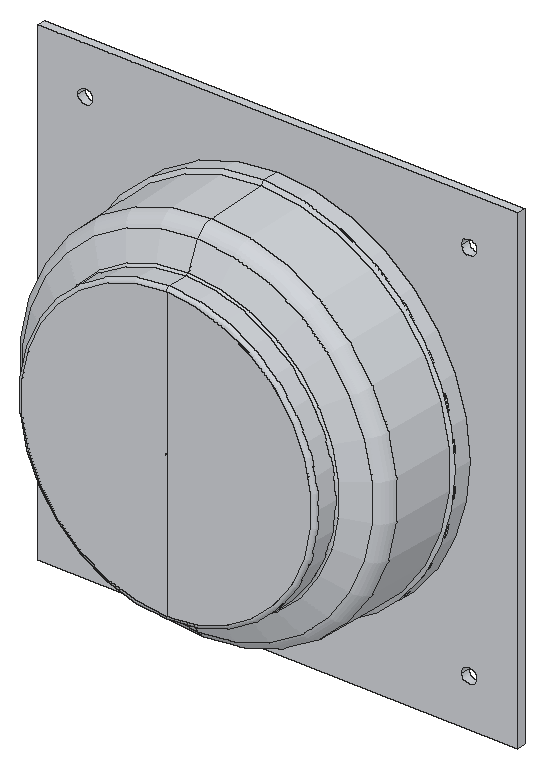
Revit family "BVN_BFTX", category Mechanical Equipment, host Wall, Revit 2019
Family settings
  Host = Wall
  Round Connector Dimension = Use Diameter
  Part Type = Normal
  Always vertical = Yes
  Cut with Voids When Loaded = No
  Shared = No
  Room Calculation Point = No
Parameters (values of type "BFTX 315-B")
  f = F / 2  # 250 mm
  d = 8 mm
  Weight = 6.60 kg
  Voltage = 230 V
  URL = "http://www.bahcivanmotor.com.tr/index.php"
  Speed(d/d) = 2700
  Sound Pressure = 49
  Protection Class = 44
  Power = 280 W
  Model = "BFTX"
  Material Fan = none
  Material Cover = none
  Manufacturer = "http://www.bahcivanmotor.com.tr/iletisim.php"
  Insulation Class = "B"
  H [instance] = 1823.3 mm
  G = 400 mm
  Frequency = 50 Hz
  F = 500 mm
  Description = "Duct Fan(Wall Type)"
  D = 140 mm
  Current = 0.97 W
  Capacitor = 7
  BFTX 315 = yes
  BFTX 250 = no
  BFTX 200 = no
  BFTX 150 = no
  BFTX 100 = no
  B = 200 mm
  Air Flow = 1890.00 m³/h
  A = 315 mm
  -f = -F / 2  # -250 mm
Types (5, lengths in mm): name | f | Weight | Speed(d/d) | Sound Pressure | Power | Material Fan | Material Cover | H | G | F | D | Current | Capacitor | BFTX 315 | BFTX 250 | BFTX 200 | BFTX 150 | BFTX 100 | B | Air Flow | A | -f
  BFTX 100 | 157.5 | 2.70 kg | 2900 | 44 | 70 W | Stainless Steel | Stainless Steel | 1823.331 | 265 | 315 | 100 | 0.3 W | 2 | no | no | no | no | yes | 122 | 270.00 m³/h | 100 | -157.5
  BFTX 150-B | 200 | 3.60 kg | 2530 | 46 | 100 W | none | none | 1823.331 | 350 | 400 | 105 | 0.45 W | 2.5 | no | no | no | yes | no | 135 | 440.00 m³/h | 150 | -200
  BFTX 200-B | 200 | 4.80 kg | 2950 | 48 | 140 W | none | none | 1823.331 | 350 | 400 | 113 | 0.63 W | 4 | no | no | yes | no | no | 165 | 970.00 m³/h | 200 | -200
  BFTX 250-B | 200 | 5.30 kg | 2675 | 47 | 225 W | none | none | 1823.331 | 350 | 400 | 116 | 1.02 W | 6 | no | yes | no | no | no | 165 | 1200.00 m³/h | 250 | -200
  BFTX 315-B | 250 | 6.60 kg | 2700 | 49 | 280 W | none | none | 1823.3 | 400 | 500 | 140 | 0.97 W | 7 | yes | no | no | no | no | 200 | 1890.00 m³/h | 315 | -250
Reference planes
  plane 1 "Wall": y = 0
  plane 2 "Center (Left/Right)": x = 125
  plane 3 "Back": y = 75
  plane 4: z = 1823.3
  plane 5 "D": y = -65
Forms (mm)
  Revolve 1, solid, material <- "Material Fan", visible <- "BFTX 100"
    sketch origin (125, 0, 0) x (0, 1, 0) y (0, 0, 1)
      loop
        line (-31.026, 1822.974) -> (-31.026, 1774.474) -> (-18.038, 1774.474)
        arc (-18.038, 1774.474) -> (-11.853, 1771.533) -> (-9.097, 1765.263) r 9.813
        line (-9.097, 1765.263) -> (-8.431, 1750.082)
        arc (-8.431, 1750.082) -> (-8.046, 1749.046) -> (-7.129, 1748.431) r 1.8
        arc (-7.129, 1748.431) -> (-1.426, 1744.666) -> (1.099, 1738.317) r 11.398
        line (1.099, 1738.317) -> (1.999, 1718.902)
        arc (1.999, 1718.902) -> (5.895, 1709.664) -> (14.474, 1704.474) r 16.242
        line (14.474, 1704.474) -> (75, 1700.7) -> (75, 1822.974) -> (-31.026, 1822.974)
      axis (75, 1823.3) -> (-31.026, 1823.3)
    angle from 0 to 360
  Revolve 2, void
    sketch origin (125, 0, 0) x (0, 1, 0) y (0, 0, 1)
      loop
        line (75, 1823.626) -> (75, 2023.3) -> (-616.366, 2023.3) -> (-616.366, 1823.626) -> (75, 1823.626)
      axis (75, 1823.3) -> (-616.366, 1823.3)
    angle from 0 to 360
  Revolve 3, solid, visible <- "BFTX 150"
    sketch origin (125, 0, 0) x (0, 1, 0) y (0, 0, 1)
      loop
        line (-21.551, 1823.3) -> (75, 1823.3) -> (75, 1959.007) -> (61.268, 1959.029) -> (61.268, 1958.006) -> (58.218, 1958.006) -> (56.996, 1957.185) -> (23.478, 1956.326)
        arc (23.478, 1956.326) -> (9.273, 1949.975) -> (3.449, 1935.545) r 20.8
        line (3.449, 1935.545) -> (3.449, 1901.047)
        arc (3.449, 1901.047) -> (1.885, 1897.995) -> (-1.433, 1897.127) r 4.2
        line (-1.433, 1897.127) -> (-15.742, 1897.127)
        arc (-15.742, 1897.127) -> (-19.481, 1895.87) -> (-21.551, 1892.512) r 5.8
        line (-21.551, 1892.512) -> (-21.551, 1823.3)
      axis (75, 1823.3) -> (-21.551, 1823.3)
    angle from 0 to 360
  Revolve 4, solid, visible <- "BFTX 200"
    sketch origin (125, 0, 0) x (0, 1, 0) y (0, 0, 1)
      loop
        line (-46.007, 1823.3) -> (75, 1823.3) -> (75, 1988.627) -> (54.994, 1988.627) -> (52.994, 1985.627) -> (5.994, 1983.985)
        arc (5.994, 1983.985) -> (-10.458, 1977.024) -> (-18.065, 1960.861) r 25
        line (-18.065, 1960.861) -> (-20.867, 1923.477)
        arc (-20.867, 1923.477) -> (-21.502, 1922.16) -> (-22.862, 1921.626) r 2
        line (-22.862, 1921.626) -> (-41.008, 1921.626)
        arc (-41.008, 1921.626) -> (-44.543, 1920.162) -> (-46.007, 1916.627) r 4.999
        line (-46.007, 1916.627) -> (-46.007, 1823.3)
      axis (75, 1823.3) -> (-46.007, 1823.3)
    angle from 0 to 360
  Revolve 5, solid, visible <- "BFTX 250"
    sketch origin (125, 0, 0) x (0, 1, 0) y (0, 0, 1)
      loop
        line (-48.012, 1823.626) -> (75, 1823.626) -> (75, 1988.626) -> (55.022, 1988.626) -> (52.022, 1985.626) -> (0.668, 1983.833)
        arc (0.668, 1983.833) -> (-11.755, 1978.939) -> (-18.33, 1967.318) r 20
        line (-18.33, 1967.318) -> (-21.541, 1949.109)
        arc (-21.541, 1949.109) -> (-22.568, 1947.328) -> (-24.5, 1946.626) r 3
        line (-24.5, 1946.626) -> (-44.012, 1946.626)
        arc (-44.012, 1946.626) -> (-46.841, 1945.455) -> (-48.012, 1942.626) r 4
        line (-48.012, 1942.626) -> (-48.012, 1823.626)
      axis (-48.012, 1823.3) -> (75, 1823.3)
    angle from 0 to 360
  Revolve 6, solid, material <- "Material Fan", visible <- "BFTX 315"
    sketch origin (125, 0, 0) x (0, 1, 0) y (0, 0, 1)
      loop
        line (-69.5, 1823.626) -> (75, 1823.626) -> (75, 2023.626) -> (57, 2023.626) -> (54, 2019.626) -> (-11.012, 2017.833)
        arc (-11.012, 2017.833) -> (-21.347, 2014.61) -> (-28.489, 2006.474) r 20
        line (-28.489, 2006.474) -> (-41, 1980.331)
        arc (-41, 1980.331) -> (-42.108, 1979.087) -> (-43.709, 1978.626) r 3
        line (-43.709, 1978.626) -> (-65.5, 1978.626)
        arc (-65.5, 1978.626) -> (-68.328, 1977.455) -> (-69.5, 1974.626) r 4
        line (-69.5, 1974.626) -> (-69.5, 1823.626)
      axis (75, 1823.3) -> (-69.5, 1823.3)
    angle from 0 to 360
  Extrusion 7, solid, material <- "Material Cover"
    sketch origin (0, 75, 0) x (1, 0, 0) y (0, 0, 1)
      loop
        line (375, 2073.3) -> (-125, 2073.3) -> (-125, 1573.3) -> (375, 1573.3) -> (375, 2073.3)
    from 0 to -9
  Extrusion 8, void
    sketch origin (0, 75, 0) x (1, 0, 0) y (0, 0, 1)
      loop
        circle (325, 2023.3) r 8
      loop
        circle (-75, 2023.3) r 8
      loop
        circle (325, 1623.3) r 8
      loop
        circle (-75, 1623.3) r 8
    from 0 to -9
Cuts and joins
  Extrusion 8 cuts Extrusion 7
Text (mm)
  text "Placement Side" at (-1848.837, 1116.779, 0), in view "Ref. Level"
  text "Placement side" at (0, 1409.804, 2854.306), in view "Left"
  text "Placement side" at (0, 499.811, 2980.732), in view "Right"
Dimensions and locks
  locked: plane 3 "Back" to host wall
  "B": Revolve 2 sketch curve to plane 4
  "D": plane 5 "D" to plane 3 "Back"
  "H": plane 4 to level
  "H": connector elem to host wall
  equal spacing: Extrusion 7 sketch curve, plane 2 "Center (Left/Right)", Extrusion 7 sketch curve
  equal spacing: Extrusion 7 sketch curve, plane 4, Extrusion 7 sketch curve
  "F": Extrusion 7 sketch curve to Extrusion 7 sketch curve  (x2)
  equal spacing: Extrusion 8 sketch curve, plane 2 "Center (Left/Right)", Extrusion 8 sketch curve  (x2)
  Extrusion 8 sketch curve to Extrusion 8 sketch curve = 400 mm
  "G": Extrusion 8 sketch curve to Extrusion 8 sketch curve  (x4)
  equal spacing: Extrusion 8 sketch curve, plane 4, Extrusion 8 sketch curve  (x2)
  "d": radius of Extrusion 8 sketch curve  (x4)
  aligned and locked: plane 1 "Wall" to host wall
  aligned and locked: connector elem to plane 2 "Center (Left/Right)"
Automatic sketch dimensions
  Revolve 1 sketch curve to plane 4 = 0 mm
  Revolve 1 sketch curve to host wall = 0 mm
  Revolve 1 sketch curve to host wall = 18.182 mm
  Revolve 1 sketch curve to host wall = 14.474 mm
  Revolve 1 sketch curve to host wall = 1.999 mm
  Revolve 1 sketch curve to host wall = 1.099 mm
  host wall to Revolve 1 sketch curve = 6.633 mm
  host wall to Revolve 1 sketch curve = 9.097 mm
  host wall to Revolve 1 sketch curve = 10.268 mm
  Revolve 1 sketch curve to Revolve 1 sketch curve = 8.941 mm
  Revolve 1 sketch curve to Revolve 1 sketch curve = 9.797 mm
  Revolve 1 sketch curve to plane 4 = 0.326 mm
  host wall to Revolve 1 sketch curve = 31.026 mm
  Revolve 1 sketch curve to Revolve 1 sketch curve = 48.5 mm
  Revolve 1 sketch curve to Revolve 1 sketch curve = 9.211 mm
  Revolve 1 sketch curve to Revolve 1 sketch curve = 15.102 mm
  Revolve 1 sketch curve to Revolve 1 sketch curve = 11.844 mm
  Revolve 1 sketch curve to Revolve 1 sketch curve = 0.844 mm
  Revolve 1 sketch curve to Revolve 1 sketch curve = 18.03 mm
  Revolve 1 sketch curve to Revolve 1 sketch curve = 1.384 mm
  Revolve 1 sketch curve to Revolve 1 sketch curve = 19.587 mm
  Revolve 1 sketch curve to Revolve 1 sketch curve = 0 mm  (x3)
  Revolve 1 sketch curve to Revolve 1 sketch curve = 1.798 mm
  host wall to Revolve 1 sketch curve = 140 mm
  host wall to Revolve 1 sketch curve = 35 mm
  Revolve 6 sketch curve to plane 4 = 0 mm
  Revolve 6 sketch curve to host wall = 0 mm
  Revolve 6 sketch curve to Revolve 6 sketch curve = 18 mm
  Revolve 6 sketch curve to Revolve 6 sketch curve = 3 mm
  host wall to Revolve 6 sketch curve = 10.448 mm
  host wall to Revolve 6 sketch curve = 11.012 mm
  Revolve 6 sketch curve to Revolve 6 sketch curve = 18.041 mm
  Revolve 6 sketch curve to Revolve 6 sketch curve = 12.511 mm
  Revolve 6 sketch curve to Revolve 6 sketch curve = 2.706 mm
  Revolve 6 sketch curve to Revolve 6 sketch curve = 0.003 mm
  Revolve 6 sketch curve to host wall = 9.5 mm
  Revolve 6 sketch curve to Revolve 6 sketch curve = 0 mm
  Revolve 6 sketch curve to Revolve 6 sketch curve = 1.705 mm
  Revolve 6 sketch curve to Revolve 6 sketch curve = 17.509 mm
  Revolve 6 sketch curve to Revolve 6 sketch curve = 8.634 mm
  Revolve 6 sketch curve to Revolve 6 sketch curve = 4 mm
  host wall to Revolve 6 sketch curve = 200 mm
  Revolve 6 sketch curve to Revolve 6 sketch curve = 65 mm
  plane 4 to Revolve 6 sketch curve = 0.326 mm
  Revolve 6 sketch curve to host wall = 5.5 mm
  Revolve 6 sketch curve to Revolve 6 sketch curve = 151 mm
  Revolve 6 sketch curve to Revolve 6 sketch curve = 1.794 mm
  Revolve 5 sketch curve to plane 4 = 0 mm
  Revolve 5 sketch curve to Revolve 5 sketch curve = 19.978 mm
  Revolve 5 sketch curve to Revolve 5 sketch curve = 3 mm  (x2)
  Revolve 5 sketch curve to host wall = 1.366 mm
  Revolve 5 sketch curve to host wall = 0.668 mm
  host wall to Revolve 5 sketch curve = 18.33 mm
  Revolve 5 sketch curve to Revolve 5 sketch curve = 3.211 mm
  Revolve 5 sketch curve to Revolve 5 sketch curve = 2.955 mm
  Revolve 5 sketch curve to Revolve 5 sketch curve = 0.005 mm
  Revolve 5 sketch curve to Revolve 5 sketch curve = 19.512 mm
  Revolve 5 sketch curve to Revolve 5 sketch curve = 4 mm
  plane 4 to Revolve 5 sketch curve = 119.326 mm
  Revolve 5 sketch curve to Revolve 5 sketch curve = 0 mm
  Revolve 5 sketch curve to Revolve 5 sketch curve = 2.482 mm
  Revolve 5 sketch curve to Revolve 5 sketch curve = 14.737 mm
  Revolve 5 sketch curve to Revolve 5 sketch curve = 18.21 mm
  Revolve 5 sketch curve to Revolve 5 sketch curve = 1.793 mm
  plane 5 "D" to Revolve 5 sketch curve = 215 mm
  host wall to Revolve 5 sketch curve = 0 mm
  Revolve 5 sketch curve to Revolve 5 sketch curve = 60 mm
  plane 4 to Revolve 5 sketch curve = 0.326 mm
  Revolve 3 sketch curve to plane 4 = 0 mm  (x2)
  Revolve 3 sketch curve to host wall = 0 mm
  Revolve 3 sketch curve to host wall = 13.732 mm
  Revolve 3 sketch curve to Revolve 3 sketch curve = 3.05 mm
  Revolve 3 sketch curve to Revolve 3 sketch curve = 1.222 mm
  Revolve 3 sketch curve to host wall = 24.249 mm
  Revolve 3 sketch curve to Revolve 3 sketch curve = 0.771 mm
  Revolve 3 sketch curve to host wall = 3.449 mm
  host wall to Revolve 3 sketch curve = 0.745 mm
  host wall to Revolve 3 sketch curve = 1.433 mm
  Revolve 3 sketch curve to Revolve 3 sketch curve = 14.308 mm
  Revolve 3 sketch curve to Revolve 3 sketch curve = 0.132 mm
  host wall to Revolve 3 sketch curve = 21.551 mm
  plane 4 to Revolve 3 sketch curve = 68.028 mm
  Revolve 3 sketch curve to Revolve 3 sketch curve = 1.184 mm
  Revolve 3 sketch curve to Revolve 3 sketch curve = 3.92 mm
  Revolve 3 sketch curve to Revolve 3 sketch curve = 34.494 mm
  Revolve 3 sketch curve to Revolve 3 sketch curve = 0.004 mm
  Revolve 3 sketch curve to Revolve 3 sketch curve = 0.859 mm
  Revolve 3 sketch curve to Revolve 3 sketch curve = 0.821 mm
  Revolve 3 sketch curve to Revolve 3 sketch curve = 1.023 mm
  host wall to Revolve 3 sketch curve = 31.551 mm
  Revolve 3 sketch curve to Revolve 3 sketch curve = 38.449 mm
  Revolve 3 sketch curve to Revolve 3 sketch curve = 0.022 mm
  Revolve 4 sketch curve to plane 4 = 0 mm  (x2)
  Revolve 4 sketch curve to host wall = 0 mm
  Revolve 4 sketch curve to Revolve 4 sketch curve = 20.006 mm
  Revolve 4 sketch curve to Revolve 4 sketch curve = 2 mm
  Revolve 4 sketch curve to host wall = 6.866 mm
  Revolve 4 sketch curve to host wall = 5.994 mm
  host wall to Revolve 4 sketch curve = 18.065 mm
  host wall to Revolve 4 sketch curve = 20.867 mm
  Revolve 4 sketch curve to Revolve 4 sketch curve = 1.995 mm  (x2)
  Revolve 4 sketch curve to Revolve 4 sketch curve = 18.146 mm
  Revolve 4 sketch curve to Revolve 4 sketch curve = 4.999 mm
  Revolve 4 sketch curve to Revolve 4 sketch curve = 93.327 mm
  Revolve 4 sketch curve to Revolve 4 sketch curve = 0 mm
  Revolve 4 sketch curve to Revolve 4 sketch curve = 1.851 mm
  Revolve 4 sketch curve to Revolve 4 sketch curve = 35.524 mm
  Revolve 4 sketch curve to Revolve 4 sketch curve = 1.86 mm
  Revolve 4 sketch curve to Revolve 4 sketch curve = 1.641 mm
  Revolve 4 sketch curve to Revolve 4 sketch curve = 3 mm
  host wall to Revolve 4 sketch curve = 165 mm
  host wall to Revolve 4 sketch curve = 70 mm
  Revolve 2 sketch curve to plane 4 = 0 mm
  Revolve 2 sketch curve to host wall = 0 mm
  host wall to Revolve 2 sketch curve = 541.366 mm
  plane 4 to Revolve 2 sketch curve = 0.326 mm
  host wall to Revolve 2 sketch curve = 54.919 mm
  host wall to Revolve 2 sketch curve = 460 mm
Connectors
  hvac at (125, -65, 1823.3), driven by "A"
    settings: on plane 5 "D", index 1, duct flow 0.00 m³/h, flow factor 0, pres drop 0.0 Pa, loss coef 0, conn angle 0.00°, conn width 304.8 mm, conn height 304.8 mm, conn diameter 315 mm, duct sys type 1, conn prof type 0, flow config 0, flow direction 0, loss method 0, conn ref index -1, conn util no, is conn primary yes, conn desc ""
